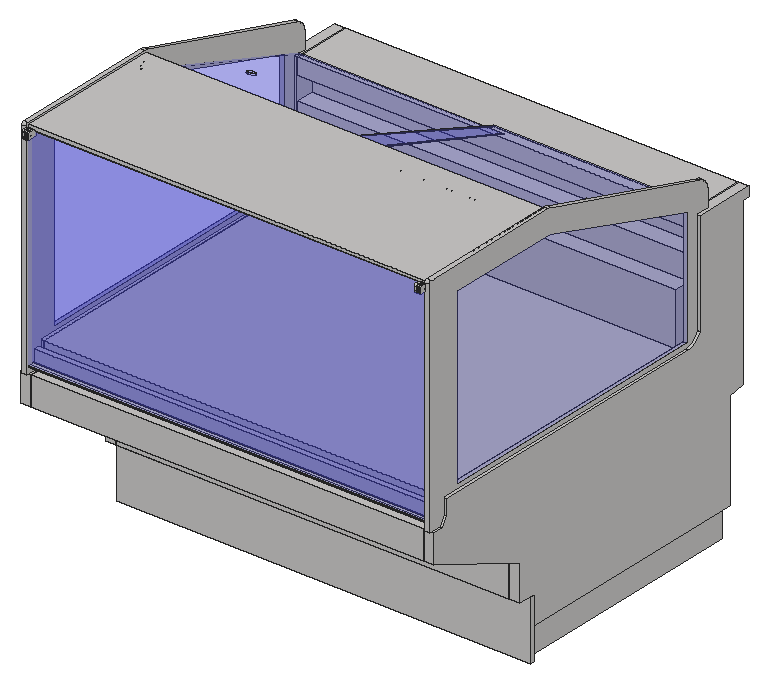
Revit family "QF_OSCARTEK_LA_CROSSE_RM1150_cat", category Specialty Equipment, Revit 2026 (continued)
Automatic sketch dimensions
  Extrusion 36 sketch curve to Extrusion 36 sketch curve = 0.49989"
  Extrusion 36 sketch curve to Extrusion 36 sketch curve = 1/2"
  Extrusion 36 sketch curve to Extrusion 36 sketch curve = 0"
  curve 26 to plane 15 = 3 3/16"
  curve 26 to curve 27 = 1/2"
  curve 26 to curve 27 = 0"
  plane 8 "Center X" to curve 26 = 4.88351"
  curve 27 to curve 27 = 0.46989"
  curve 29 to plane 19 = 2 1/2"
  curve 28 to curve 29 = 0"
  curve 28 to curve 29 = 1/2"
  plane 8 "Center X" to curve 28 = 5.0436"
  curve 28 to curve 28 = 0.46631"
  Extrusion 3 sketch curve to plane 1 "BACK" = 0"
  Extrusion 3 sketch curve to Extrusion 3 sketch curve = 0.78759"
  plane 1 "BACK" to Extrusion 3 sketch curve = 2.72506"
  Extrusion 3 sketch curve to Extrusion 3 sketch curve = 6.08741"
  Extrusion 3 sketch curve to Extrusion 3 sketch curve = 1.62462"
  Extrusion 3 sketch curve to Extrusion 3 sketch curve = 0.34543"
  Extrusion 3 sketch curve to plane 11 = 0.01912"
  Extrusion 3 sketch curve to plane 8 "Center X" = 8.22539"
  Extrusion 3 sketch curve to Extrusion 3 sketch curve = 1.99661"
  plane 13 to Extrusion 3 sketch curve = 0.21499"
  Extrusion 3 sketch curve to plane 5 "FRONT" = 2.04182"
  plane 12 to Extrusion 3 sketch curve = 0.01115"
  Extrusion 3 sketch curve to Extrusion 3 sketch curve = 0.54791"
  Extrusion 3 sketch curve to plane 5 "FRONT" = 0.20674"
  Extrusion 3 sketch curve to Extrusion 3 sketch curve = 3.23088"
  plane 11 to Extrusion 3 sketch curve = 4.16652"
  Extrusion 3 sketch curve to plane 12 = 4.46481"
  Extrusion 3 sketch curve to Extrusion 3 sketch curve = 0.27229"
  Extrusion 3 sketch curve to plane 12 = 3.29314"
  Extrusion 3 sketch curve to Extrusion 3 sketch curve = 1.80937"
  Extrusion 3 sketch curve to Extrusion 3 sketch curve = 2.14613"
  plane 13 to Extrusion 1 sketch curve = 4.17048"
  Extrusion 1 sketch curve to Extrusion 1 sketch curve = 6.55753"
  Extrusion 1 sketch curve to Extrusion 1 sketch curve = 2.65689"
  Extrusion 2 sketch curve to plane 6 "TOP" = 10.93079"
  Extrusion 2 sketch curve to Extrusion 2 sketch curve = 1.12232"
  Extrusion 3 sketch curve to plane 6 "TOP" = 10.93079"
  Extrusion 3 sketch curve to Extrusion 3 sketch curve = 1.12232"
  Extrusion 28 sketch curve to Extrusion 28 sketch curve = 8.86932"
  Extrusion 29 sketch curve to Extrusion 29 sketch curve = 8.21454"
  plane 13 to Extrusion 34 sketch curve = 8.00483"
  Extrusion 12 sketch curve to plane 5 "FRONT" = 3.94048"
  Extrusion 12 sketch curve to plane 6 "TOP" = 2 9/16"
  Extrusion 12 sketch curve to plane 8 "Center X" = 5.23769"
  plane 13 to Extrusion 12 sketch curve = 2.50483"
  plane 1 "BACK" to Extrusion 12 sketch curve = 8 1/4"
  Extrusion 12 sketch curve to plane 6 "TOP" = 8.95536"
  Extrusion 10 sketch curve to Extrusion 10 sketch curve = 1.2503"
  Extrusion 10 sketch curve to Extrusion 10 sketch curve = 2.07216"
  Extrusion 10 sketch curve to plane 6 "TOP" = 9.80847"
  Extrusion 10 sketch curve to Extrusion 10 sketch curve = 0.36792"
  Extrusion 10 sketch curve to plane 6 "TOP" = 0.11321"
  Extrusion 10 sketch curve to plane 5 "FRONT" = 0.26183"
  plane 12 to Extrusion 10 sketch curve = 0.01115"
  Extrusion 10 sketch curve to plane 5 "FRONT" = 1.49391"
  plane 13 to Extrusion 10 sketch curve = 0.21499"
  Extrusion 10 sketch curve to Extrusion 10 sketch curve = 0.54791"
  Extrusion 10 sketch curve to Extrusion 10 sketch curve = 1.80937"
  plane 1 "BACK" to Extrusion 10 sketch curve = 8.49962"
  Extrusion 10 sketch curve to Extrusion 10 sketch curve = 0.34543"
  Extrusion 10 sketch curve to Extrusion 10 sketch curve = 2.14613"
  Extrusion 10 sketch curve to Extrusion 10 sketch curve = 1.62462"
  plane 1 "BACK" to Extrusion 10 sketch curve = 5.41468"
  Extrusion 10 sketch curve to Extrusion 10 sketch curve = 1.89866"
  Extrusion 10 sketch curve to Extrusion 10 sketch curve = 0.38146"
  Extrusion 10 sketch curve to Extrusion 10 sketch curve = 0.24962"
  Extrusion 10 sketch curve to Extrusion 10 sketch curve = 123/256"
  Extrusion 10 sketch curve to Extrusion 10 sketch curve = 0.85311"
  Extrusion 10 sketch curve to plane 6 "TOP" = 2 9/16"
  plane 5 "FRONT" to Extrusion 11 sketch curve = 3.94048"
  plane 6 "TOP" to Extrusion 11 sketch curve = 2 9/16"
  plane 8 "Center X" to Extrusion 11 sketch curve = 5.23769"
  Extrusion 11 sketch curve to plane 1 "BACK" = 8 1/4"
  plane 6 "TOP" to Extrusion 11 sketch curve = 8.95536"
  Extrusion 11 sketch curve to plane 13 = 2.50483"
  plane 5 "FRONT" to Extrusion 9 sketch curve = 3.94048"
  plane 6 "TOP" to Extrusion 9 sketch curve = 2 9/16"
  plane 8 "Center X" to Extrusion 9 sketch curve = 5.23769"
  Extrusion 9 sketch curve to plane 1 "BACK" = 8 1/4"
  plane 6 "TOP" to Extrusion 9 sketch curve = 8.95536"
  Extrusion 9 sketch curve to plane 13 = 2.50483"
  Extrusion 9 sketch curve to plane 5 "FRONT" = 0"
  plane 6 "TOP" to Extrusion 9 sketch curve = 0.11321"
  Extrusion 9 sketch curve to Extrusion 9 sketch curve = 0.26183"
  Extrusion 9 sketch curve to plane 12 = 0.01115"
  Extrusion 9 sketch curve to Extrusion 9 sketch curve = 1.49391"
  Extrusion 9 sketch curve to plane 13 = 0.21499"
  Extrusion 9 sketch curve to Extrusion 9 sketch curve = 0.54791"
  Extrusion 9 sketch curve to Extrusion 9 sketch curve = 0.38146"
  Extrusion 9 sketch curve to plane 20 = 0.00317"
  Extrusion 9 sketch curve to Extrusion 9 sketch curve = 0.5513"
  Extrusion 9 sketch curve to Extrusion 9 sketch curve = 0.59505"
  Extrusion 9 sketch curve to Extrusion 9 sketch curve = 0.24962"
  Extrusion 9 sketch curve to Extrusion 9 sketch curve = 1 3/8"
  Extrusion 9 sketch curve to Extrusion 9 sketch curve = 1.58502"
  Extrusion 9 sketch curve to Extrusion 9 sketch curve = 0.36792"
  Extrusion 9 sketch curve to Extrusion 9 sketch curve = 1.2503"
  Extrusion 9 sketch curve to Extrusion 9 sketch curve = 1.80937"
  Extrusion 9 sketch curve to Extrusion 9 sketch curve = 0.74692"
  Extrusion 9 sketch curve to Extrusion 9 sketch curve = 0.85311"
  Extrusion 9 sketch curve to Extrusion 9 sketch curve = 2.07216"
  Extrusion 13 sketch curve to plane 20 = 0.02611"
  Extrusion 13 sketch curve to plane 5 "FRONT" = 0.12798"
  Extrusion 13 sketch curve to plane 6 "TOP" = 0.35741"
  Extrusion 13 sketch curve to plane 8 "Center X" = 5.62634"
  radius of Extrusion 22 sketch curve = 0.13783"
  radius of Extrusion 23 sketch curve to Extrusion 22 = 0"  (x3)
  radius of Extrusion 24 sketch curve to Extrusion 23 = 0"  (x3)
  radius of Extrusion 25 sketch curve = 0.13783"
  radius of Extrusion 26 sketch curve to Extrusion 27 = 0"  (x3)
  radius of Extrusion 27 sketch curve to Extrusion 25 = 0"  (x3)
  radius of Extrusion 32 sketch curve = 1/2"  (x2)
  radius of Extrusion 33 sketch curve = 1/2"  (x2)
  radius of Extrusion 35 sketch curve = 1/2"
Connectors (in)
  piping at (42.125, -7.1875, 1.17405), diameter 0.375
    settings: on Extrusion 32, index 1, connector inside diameter 24", connector length 0", flow factor 0, pipe flow 0 GPM, pressure drop 0.00 psi, fitting loss kfactor 0, connector angle 0.00°, fixture units 0, engagement length 0", angle of deflection 0.00°, flow configuration 1, flow direction 1, fitting loss method 0, system type 7, joint type 0, gender type 0, connector reference index -1, connector utility 0, adjustable connector no, is connector primary yes, connector description "LIQUID LINE"
  piping at (5.5, -7.1875, 1.17405), diameter 0.625
    settings: on Extrusion 32, index 3, connector inside diameter 24", connector length 0", flow factor 0, pipe flow 0 GPM, pressure drop 0.00 psi, fitting loss kfactor 0, connector angle 0.00°, fixture units 0, engagement length 0", angle of deflection 0.00°, flow configuration 1, flow direction 1, fitting loss method 0, system type 7, joint type 0, gender type 0, connector reference index -1, connector utility 0, adjustable connector no, is connector primary no, connector description "SUCTION LINE"
  piping at (6.125, -24.5, 1.17405), diameter 0.25, driven by "Indirect Waste Size"
    settings: on Extrusion 33, index 4, connector inside diameter 24", connector length 0", flow factor 0, pipe flow 0 GPM, pressure drop 0.00 psi, fitting loss kfactor 0, connector angle 0.00°, fixture units 0, engagement length 0", angle of deflection 0.00°, flow configuration 1, flow direction 2, fitting loss method 0, system type 16, joint type 0, gender type 0, connector reference index -1, connector utility 0, adjustable connector no, is connector primary no, connector description "DRAIN"
  piping at (41.5, -24.5, 1.17405), diameter 0.25, driven by "Indirect Waste Size"
    settings: on Extrusion 33, index 5, connector inside diameter 24", connector length 0", flow factor 0, pipe flow 0 GPM, pressure drop 0.00 psi, fitting loss kfactor 0, connector angle 0.00°, fixture units 0, engagement length 0", angle of deflection 0.00°, flow configuration 1, flow direction 2, fitting loss method 0, system type 16, joint type 0, gender type 0, connector reference index -1, connector utility 0, adjustable connector no, is connector primary no, connector description "DRAIN"
  electrical at (8.8125, -2.66256, 3.45979), driven by "Volts", driven by "Watts"
    settings: on Extrusion 20, index 6, voltage 120 V, apparent load 420 VA, apparent load phase1 0 VA, apparent load phase2 0 VA, apparent load phase3 0 VA, power factor 1, load classification "Other", number of poles 1, system type 30, power factor state 1, is connector primary yes, connector utility no, sub classification motor no, connector description "ELECTRICAL CONNECTION"
